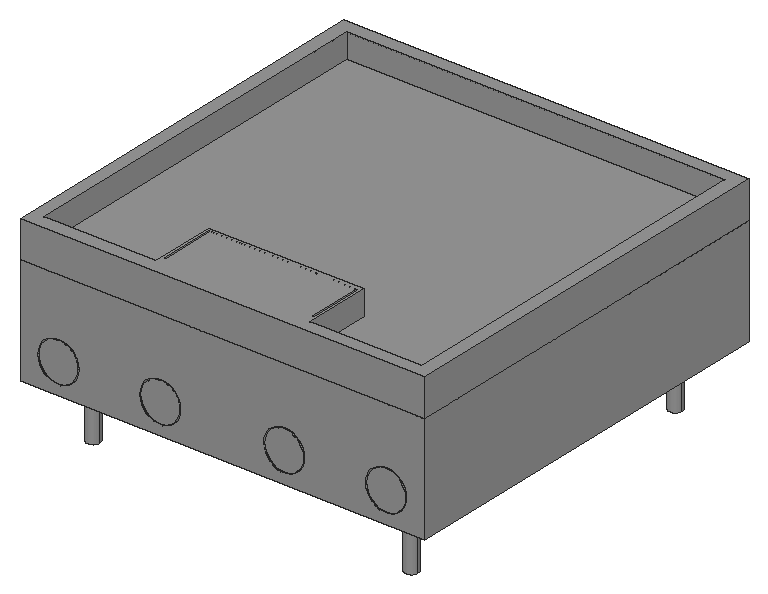
Revit family "Bodentank UDHOME9", category Generic Models, Revit 2015
Parameters (values of type "UDHOME9 2V MT V")
  Width = 250 mm
  URL = "http://www.obo-bettermann.com"
  Material = Stainless Steel
  Manufacturer Art.No. = "7427308"
  Manufacturer = "OBO Bettermann"
  Length = 250 mm
  HeightCalc = if(Height < 95 mm, 95 mm, (if(Height > 125 mm, 125 mm, Height)))  # 125 mm
  Height 1 = 90 mm
  Height = 125 mm
  GTIN = "4012195916741"
  Article Type = "UDHOME9 2V MT V"
Types (5, lengths in mm): name | Material | Manufacturer Art.No. | GTIN | Article Type
  (no name) | Stainless Steel | "7427308" | "4012195916741" | "UDHOME9 2V MT V"
  UDHOME9 2V GB V | Stainless Steel | "7427300" | "4012195916727" | "UDHOME9 2V GB V"
  UDHOME9 2M GB V | Brass, Soft Yellow, Welded | "7427304" | "4012195916734" | "UDHOME9 2M GB V"
  UDHOME9 2V MT V | Stainless Steel | "7427308" | "4012195916741" | "UDHOME9 2V MT V"
  UDHOME9 2M MT V | Brass, Soft Yellow, Welded | "7427312" | "4012195916758" | "UDHOME9 2M MT V"
Reference planes
  plane 1 "Center (Front/Back)": y = 0
  plane 2: z = 0
  plane 3 "Center (Left/Right)": x = 0
  plane 4: z = 35
  plane 5: z = 36
  plane 6: z = 102
  plane 7: z = 125
  plane 8: z = 110
Forms (mm)
  Extrusion 1, solid, material "Stainless Steel"
    sketch origin (0, 0, 0) x (1, 0, 0) y (0, 1, 0)
      loop
        circle (-100, 100) r 4
      loop
        circle (-100, -100) r 4
      loop
        circle (100, 100) r 4
      loop
        circle (100, -104) r 4
    from 0 to 35
  Extrusion 2, solid, material "Stainless Steel"
    sketch origin (0, 0, 0) x (1, 0, 0) y (0, 1, 0)
      loop
        line (-125, 125) -> (-125, -125) -> (125, -125) -> (125, 125) -> (-125, 125)
    from 35 to 102
  Extrusion 3, void
    sketch origin (0, 0, 0) x (1, 0, 0) y (0, 1, 0)
      loop
        line (-119, 119) -> (-119, -119) -> (119, -119) -> (119, 119) -> (-119, 119)
    from 36 to 102
  Extrusion 4, void
    sketch origin (0, 0, 0) x (1, 0, 0) y (0, 0, 1)
      loop
        circle (-101.25, 54) r 12.75
      loop
        circle (38.3, 54) r 12.75
      loop
        circle (-38.25, 54) r 12.75
      loop
        circle (101.3, 54) r 12.75
      loop
        circle (-101.25, 54) r 12
      loop
        circle (-38.25, 54) r 12
      loop
        circle (38.3, 54) r 12
      loop
        circle (101.3, 54) r 12
    from -125 to 125
  Extrusion 5, void
    sketch origin (0, 0, 0) x (1, 0, 0) y (0, 1, 0)
      loop
        circle (-38.25, 104.6) r 12.75
      loop
        circle (38.25, 104.6) r 12.75
      loop
        circle (-38.25, 104.6) r 12
      loop
        circle (38.25, 104.6) r 12
      loop
        circle (-38.5, -104.6) r 12.75
      loop
        circle (38.5, -104.6) r 12.75
      loop
        circle (-38.5, -104.6) r 12
      loop
        circle (38.5, -104.6) r 12
    from 35 to 36
  Extrusion 6, solid, material "Stainless Steel" <- "Material"
    sketch origin (0, 0, 0) x (1, 0, 0) y (0, 1, 0)
      loop
        line (-125, 125) -> (-125, -125) -> (125, -125) -> (125, 125) -> (-125, 125)
      loop
        line (-117.05, -117.05) -> (-47.8, -117.05) -> (-47.8, -75.95) -> (47.8, -75.95) -> (47.8, -117.05) -> (117.05, -117.05) -> (117.05, 117.05) -> (-117.05, 117.05) -> (-117.05, -117.05)
    from 102 to 125
  Extrusion 7, solid, material "Stainless Steel" <- "Material"
    sketch origin (0, 0, 0) x (1, 0, 0) y (0, 1, 0)
      loop
        line (-47.8, -117.05) -> (-47.8, -75.95) -> (47.8, -75.95) -> (47.8, -117.05) -> (117.05, -117.05) -> (117.05, 117.05) -> (-117.05, 117.05) -> (-117.05, -117.05) -> (-47.8, -117.05)
    from 102 to 110
  Extrusion 8, void
    sketch origin (0, 0, 0) x (1, 0, 0) y (0, 1, 0)
      loop
        line (-46.3, -111.582) -> (-45.3, -111.582) -> (-45.3, -78.45) -> (45.3, -78.45) -> (45.3, -111.582) -> (46.3, -111.582) -> (46.3, -77.45) -> (-46.3, -77.45) -> (-46.3, -111.582)
    from 102 to 125
Cuts and joins
  Extrusion 3 cuts Extrusion 1
  Extrusion 3, Extrusion 4, Extrusion 5, Extrusion 8 cuts Extrusion 2
  Extrusion 8 cuts Extrusion 6
Dimensions and locks
  locked: Extrusion 1 sketch curve to plane 3 "Center (Left/Right)" at 100  (x2)
  locked: plane 1 "Center (Front/Back)" to Extrusion 1 sketch curve at 100  (x2)
  locked: Extrusion 1 sketch curve to plane 1 "Center (Front/Back)" at 100  (x2)
  locked: plane 3 "Center (Left/Right)" to Extrusion 1 sketch curve at 100  (x2)
  "Width": Extrusion 2 sketch curve to Extrusion 2 sketch curve
  "Length": Extrusion 2 sketch curve to Extrusion 2 sketch curve
  plane 3 "Center (Left/Right)" to Extrusion 2 = 125 mm
  locked: plane 5 to plane 4 at 1
  equal spacing: Extrusion 2 sketch curve, plane 1 "Center (Front/Back)", Extrusion 2 sketch curve
  equal spacing: Extrusion 2 sketch curve, plane 3 "Center (Left/Right)", Extrusion 2 sketch curve
  locked: plane 6 to plane 4 at 67
  locked: Extrusion 6 sketch curve to Extrusion 6 sketch curve at 95.6
  equal spacing: Extrusion 6 sketch curve, plane 3 "Center (Left/Right)", Extrusion 6 sketch curve, locked at 47.8 each
  "Height 1": plane 7 to plane 4
  locked: plane 7 to plane 8 at 15
  locked: Extrusion 8 sketch curve to Extrusion 8 sketch curve at 92.6
  equal spacing: Extrusion 8 sketch curve, plane 3 "Center (Left/Right)", Extrusion 8 sketch curve, locked at 46.3 each
  locked: Extrusion 8 sketch curve to Extrusion 8 sketch curve at 1  (x3)
  "HeightCalc": plane 7 to level
  locked: Extrusion 6 sketch curve to Extrusion 6 sketch curve at 234.1  (x2)
  equal spacing: Extrusion 6 sketch curve, plane 3 "Center (Left/Right)", Extrusion 6 sketch curve, locked at 117.05 each
  equal spacing: Extrusion 6 sketch curve, plane 1 "Center (Front/Back)", Extrusion 6 sketch curve, locked at 117.05 each
  locked: Extrusion 6 sketch curve to Extrusion 6 sketch curve at 41.1
  locked: Extrusion 3 sketch curve to Extrusion 3 sketch curve at 238  (x2)
  equal spacing: Extrusion 3 sketch curve, plane 3 "Center (Left/Right)", Extrusion 3 sketch curve, locked at 119 each
  equal spacing: Extrusion 3 sketch curve, plane 1 "Center (Front/Back)", Extrusion 3 sketch curve, locked at 119 each
  locked: cut or joined group of Extrusion 6, Extrusion 8 to Extrusion 8 sketch curve at 1.5
  locked: plane 3 "Center (Left/Right)" to Extrusion 4 sketch curve at 38.25
  locked: Extrusion 4 sketch curve to Extrusion 4 sketch curve at 63  (x2)
  locked: Extrusion 4 sketch curve to cut or joined group of Extrusion 2, Extrusion 3, Extrusion 4, Extrusion 5, Extrusion 8 at 19  (x2)
  locked: Extrusion 4 sketch curve to plane 3 "Center (Left/Right)" at 38.3
  locked: Extrusion 4 sketch curve to plane 4 at 19  (x2)
  locked: Extrusion 5 sketch curve to Extrusion 5 sketch curve at 76.5
  locked: cut or joined group of Extrusion 6, Extrusion 8 to Extrusion 5 sketch curve at 20.4  (x4)
  equal spacing: Extrusion 5 sketch curve, plane 3 "Center (Left/Right)", Extrusion 5 sketch curve, locked at 38.25 each
  locked: Extrusion 5 sketch curve to Extrusion 5 sketch curve at 77
  equal spacing: Extrusion 5 sketch curve, plane 3 "Center (Left/Right)", Extrusion 5 sketch curve, locked at 38.5 each
  diameter of Extrusion 1 sketch curve = 8 mm  (x4)
  diameter of Extrusion 4 sketch curve = 25.5 mm  (x4)
  diameter of Extrusion 4 sketch curve = 24 mm  (x4)
  diameter of Extrusion 5 sketch curve = 25.5 mm  (x4)
  diameter of Extrusion 5 sketch curve = 24 mm  (x4)
  aligned and locked: level to plane 2
  aligned and locked: plane 4 to Extrusion 1
  aligned and locked: Extrusion 1 to level
  aligned and locked: Extrusion 2 to Extrusion 1
  aligned and locked: Extrusion 3 to plane 5
  aligned and locked: Extrusion 2 to Extrusion 4  (x2)
  aligned and locked: Extrusion 2 to Extrusion 5
  aligned and locked: Extrusion 5 to Extrusion 3
  aligned and locked: cut or joined group of Extrusion 2, Extrusion 3, Extrusion 4, Extrusion 5, Extrusion 8 to Extrusion 3
  aligned and locked: Extrusion 2 to plane 6
  aligned and locked: Extrusion 6 sketch curve to cut or joined group of Extrusion 2, Extrusion 3, Extrusion 4, Extrusion 5, Extrusion 8  (x4)
  aligned and locked: Extrusion 6 to cut or joined group of Extrusion 2, Extrusion 3, Extrusion 4, Extrusion 5, Extrusion 8
  aligned and locked: Extrusion 6 to plane 7
  aligned and locked: Extrusion 7 sketch curve to Extrusion 6
  aligned and locked: Extrusion 6 to Extrusion 7 sketch curve
  aligned and locked: Extrusion 7 to cut or joined group of Extrusion 2, Extrusion 3, Extrusion 4, Extrusion 5, Extrusion 8
  aligned and locked: plane 8 to Extrusion 7
  aligned and locked: cut or joined group of Extrusion 6, Extrusion 8 to Extrusion 8
  aligned and locked: Extrusion 8 to Extrusion 2
  aligned and locked: Extrusion 7 sketch curve to cut or joined group of Extrusion 6, Extrusion 8  (x5)
  aligned and locked: Extrusion 7 sketch curve to Extrusion 7 sketch curve
Automatic sketch dimensions
  Extrusion 4 sketch curve to Extrusion 4 sketch curve = 0 mm  (x8)
  Extrusion 6 sketch curve to Extrusion 6 sketch curve = 7.95 mm
  Extrusion 8 sketch curve to Extrusion 8 sketch curve = 33.132 mm  (x2)
  Extrusion 5 sketch curve to Extrusion 5 sketch curve = 0 mm  (x8)
